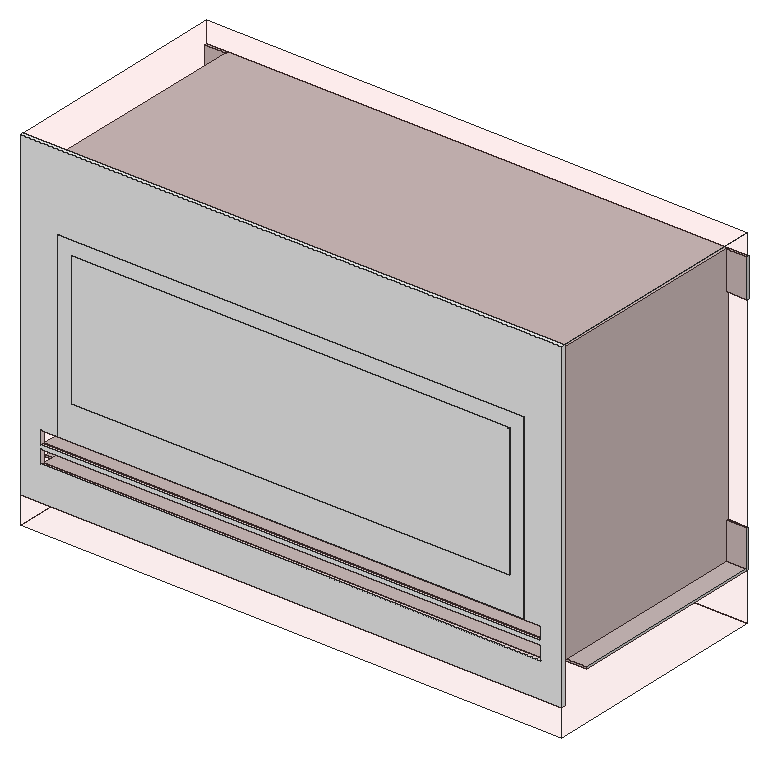
Revit family "Air-Curtain_Customer-Entry_PoweredAire_ECC", category Mechanical Equipment, host Face, Revit 2025
Family settings
  Host = Face
  Round Connector Dimension = Use Diameter
  Part Type = Normal
  OmniClass Number = 23.75.35.17.21
  OmniClass Title = Air Curtains
  Cut with Voids When Loaded = No
  Maintain Annotation Orientation = No
  Shared = No
  Room Calculation Point = No
Parameters
  Warranty Duration (Years) = 0
  Unit Width Notes = "Other Widths available."  # constant formula
  Unit Width = 3' - 3"
  Unit Weight = 0
  Unit Height = 1' - 4 3/4"
  Unit Depth = 1' - 11 1/4"
  URL = "http://www.poweredaire.com/"
  Test Data = ""
  Temperature Rise_Range = "as Specified"
  Standards Conformance = "as Specified"
  Specification = "http://www.arcat.com/sdspecs/htm04/23_34_33pai.htm"
  SpecWizard = ""
  Sound Pressure = "as Specified"
  Sales Information = "http://www.poweredaire.com/contact_us"
  Revision = "R1_2016-08"
  Projection from Host [instance] = 0' - 2"
  Product Properties = ""
  Product Data = "http://www.arcat.com/arcatcos/cos47/arc47623.html"
  Power Rating = 0 W
  Outlet Volume_Range = "as Specified"
  Outlet Velocity_Range = "as Specified"
  Nozzle Width = if(1 = 1, Unit Width - 0' 3", 0' 0")  # 3' - 0"
  Mounting Width = if(1 = 1, Unit Width - 0' 1 1/2", 0' 0")  # 3' - 1 1/2"
  Mounting Height [instance] = 3' - 6"
  Motor RPM = 0
  Motor HP = 0
  Motor Count = 0
  Model = "As Specified"
  Max Height = 0' - 0"
  Manufacturer Website = "http://www.poweredaire.com/"
  Manufacturer Phone - Toll Free = "888-321-2473"
  Manufacturer Phone = "724-588-3305"
  Manufacturer Fax = "724-588-3371"
  Manufacturer Address = "109 Mortensen Rd.  Greenville, PA 16125"
  Manufacturer = "Powered Aire, Inc"
  Maintenance Schedule (Months) = 0
  Keynote = "23 34 33"
  Installation-Fabrication = ""
  Installation Phase = ""
  Include Clearance [instance] = yes
  Heating Element Load = 0 W
  HVAC_Temperature Rise [instance] = 0 °F
  HVAC_Outlet Volume [instance] = 0 CFM
  HVAC_Outlet Velocity Uniformity = 0
  HVAC_Outlet Velocity [instance] = 0 FPM
  Green Building-LEED = "http://www.arcat.com/green/clients/leed_data_47623.html"
  Front Grating Material [instance] = Metal - Steel - PoweredAire - White Perforated
  Frame Finish [instance] = Metal - Steel - PoweredAire - Stainless 304
  Expected Lifespan (Years) = 0
  Electrical_Wattage [instance] = Power Rating + Heating Element Load  # 0 W
  Electrical_Voltage [instance] = 0 V
  Electrical_Phase [instance] = 1
  Electrical_Frequency [instance] = 0 Hz
  Electrical_Amperage [instance] = 0 A
  Drawn By = "Sumex Design, Inc. / Robert S. Weygant, CSI, CDT, SCIP"
  Description = "Powered Aire Air Curtain as Specified"
  Default Elevation = 0' - 0"  # constant formula
  Cover Finish [instance] = Metal - Steel - PoweredAire - White
  Copyright = "©Arcat Inc."
  Construction Details = "http://www.arcat.com/details/powair/prod3336.html"
  Clearance_Top [instance] = 0' - 0"
  Clearance_Side B [instance] = 0' - 0"
  Clearance_Side A [instance] = 0' - 0"
  Clearance_Intake [instance] = 0' - 0"
  Clearance_Front [instance] = 0' - 0"
  Clearance Material [instance] = ARCAT Clearance
  Building Codes = ""
  Available Options [instance] = "as Specified"
  Assembly Code = "D3090400"
Reference planes (in)
  plane 1 "Center (Elevation)": y = 8.51318
  plane 2: z = 0
  plane 3 "Center (Left/Right)": x = 0
  plane 4: y = 16.88818
  plane 5: y = 0.13818
  plane 6: x = -19.5
  plane 7: x = 19.5
  plane 8: z = 25.25
  plane 9 "FF": y = -41.86182
  plane 10: z = 2
  plane 11: x = 18
  plane 12: x = -18
  plane 13: y = 16.88818
  plane 14: y = 0.13818
  plane 15: x = -19.5
  plane 16: x = 19.5
  plane 17: z = 25.25
  plane 18: y = 0.38818
Forms (in)
  Extrusion 1, solid, material "ARCAT Clearance" <- "Clearance Material", visible <- "Include Clearance"
    sketch origin (0, 0, 0) x (0, 1, 0) y (0, 0, 1)
      loop
        line (0.13818, 25.25) -> (0.13818, 0) -> (16.88818, 0) -> (16.88818, 25.25) -> (0.13818, 25.25)
    from -19.5 to 19.5
  Extrusion 2, solid, material "Metal - Steel - PoweredAire - White" <- "Cover Finish"
    sketch origin (0, 8.51318, 0) x (1, 0, 0) y (0, 0, 1)
      loop
        line (-19.5, 25.25) -> (-19.5, 2) -> (19.5, 2) -> (19.5, 25.25) -> (-19.5, 25.25)
    from 8.125 to 8.375
  Extrusion 3, solid, material "Metal - Steel - PoweredAire - Stainless 304" <- "Frame Finish"
    sketch origin (0, 8.51318, 0) x (1, 0, 0) y (0, 0, 1)
      loop
        line (18, 23.75) -> (-18, 23.75) -> (-18, 3.5) -> (18, 3.5) -> (18, 23.75)
    from -8.375 to 8.125
  Extrusion 4, void
    sketch origin (0, 0, 0) x (0, 1, 0) y (0, 0, 1)
      loop
        line (0.13818, 5.5) -> (0.13818, 4.5) -> (1.88818, 4.5) -> (1.88818, 6.75) -> (0.13818, 6.75) -> (0.13818, 5.75) -> (1.63818, 5.75) -> (1.63818, 5.5) -> (0.13818, 5.5)
    from -18 to 18
  Extrusion 5, solid, material "Metal - Steel - PoweredAire - White" <- "Cover Finish"
    sketch origin (-11.83813, 0.13818, 48) x (-1, 0, 0) y (0, 0, 1)
      loop
        line (4.91187, -41.25) -> (4.91187, -28.25) -> (-28.58813, -28.25) -> (-28.58813, -41.25) -> (4.91187, -41.25)
    from 0 to -0.03125
  Extrusion 6, solid, material "Metal - Steel - PoweredAire - White Perforated" <- "Front Grating Material"
    sketch origin (-11.83813, 0.10693, 48) x (1, 0, 0) y (0, 0, 1)
      loop
        line (-3.91187, -29.25) -> (-3.91187, -38.75) -> (27.58813, -38.75) -> (27.58813, -29.25) -> (-3.91187, -29.25)
    from 0 to 0.03125
  Extrusion 7, solid, material "Metal - Steel - PoweredAire - Stainless 304" <- "Frame Finish"
    sketch origin (-15.17702, -180, 2) x (-1, 0, 0) y (0, -1, 0)
      loop
        line (-33.17702, -196.88818) -> (-33.17702, -182.38818) -> (-34.67702, -182.38818) -> (-34.67702, -196.88818) -> (-33.17702, -196.88818)
      loop
        line (2.82298, -196.88818) -> (4.32298, -196.88818) -> (4.32298, -182.38818) -> (2.82298, -182.38818) -> (2.82298, -196.88818)
    from 1.5 to 1.625
  Extrusion 8, solid, material "Metal - Steel - PoweredAire - Stainless 304" <- "Frame Finish"
    sketch origin (-11.83813, 16.88818, 48) x (-1, 0, 0) y (0, 0, 1)
      loop
        line (7.66187, -44.5) -> (7.66187, -41.75) -> (6.16187, -41.75) -> (6.16187, -44.5) -> (7.66187, -44.5)
      loop
        line (-31.33813, -44.5) -> (-29.83813, -44.5) -> (-29.83813, -41.75) -> (-31.33813, -41.75) -> (-31.33813, -44.5)
      loop
        line (7.66187, -27) -> (7.66187, -24.25) -> (6.16187, -24.25) -> (6.16187, -27) -> (7.66187, -27)
      loop
        line (-31.33813, -27) -> (-29.83813, -27) -> (-29.83813, -24.25) -> (-31.33813, -24.25) -> (-31.33813, -27)
    from 0 to -0.125
Cuts and joins
  Extrusion 4 cuts Extrusion 2
  Extrusion 4 cuts Extrusion 3
Dimensions and locks (in)
  equal spacing: plane 4, plane 1 "Center (Elevation)", plane 5
  "Unit Height": plane 4 to plane 5
  equal spacing: plane 6, plane 3 "Center (Left/Right)", plane 7
  "Unit Width": plane 6 to plane 7
  "Mounting Height": plane 5 to plane 9 "FF"
  "Projection from Host": plane 10 to level
  "Unit Depth": plane 8 to plane 10
  locked: plane 6 to plane 12 at 1.5
  locked: plane 11 to plane 7 at 1.5
  "Clearance_Side A": plane 7 to plane 16
  "Clearance_Side B": plane 15 to plane 6
  "Clearance_Top": plane 13 to plane 4
  "Clearance_Intake": plane 5 to plane 14
  "Clearance_Front": plane 17 to plane 8
  locked: plane 8 to Extrusion 3 sketch curve at 1.5
  locked: Extrusion 3 sketch curve to plane 10 at 1.5
  locked: plane 7 to Extrusion 3 sketch curve at 1.5
  locked: Extrusion 3 sketch curve to plane 6 at 1.5
  locked: plane 18 to plane 5 at 0.25
  Extrusion 4 sketch curve to Extrusion 4 sketch curve to Extrusion 4 sketch curve to Extrusion 4 sketch curve to plane 10 = 0' - 1" locked, 0' - 0 1/4" locked, 0' - 1" locked, 0' - 2 1/2" locked
  Extrusion 5 sketch curve to Extrusion 5 sketch curve to plane 10 = 1' - 1" locked, 0' - 4 3/4" locked
  locked: plane 11 to Extrusion 5 sketch curve at 1.25
  locked: Extrusion 5 sketch curve to plane 12 at 1.25
  Extrusion 6 sketch curve to Extrusion 6 sketch curve to plane 10 = 0' - 9 1/2" locked, 0' - 7 1/4" locked
  locked: Extrusion 6 sketch curve to plane 12 at 2.25
  locked: plane 11 to Extrusion 6 sketch curve at 2.25
  locked: plane 4 to Extrusion 7 sketch curve at 14.5  (x2)
  Extrusion 8 sketch curve to Extrusion 8 sketch curve to Extrusion 8 sketch curve to Extrusion 8 sketch curve to plane 10 = 0' - 2 3/4" locked, 1' - 2 3/4" locked, 0' - 2 3/4" locked, 0' - 1 1/2" locked  (x2)
  aligned and locked: plane 2 to host face
  aligned and locked: level to host face
  aligned and locked: Extrusion 1 sketch curve to plane 17
  aligned and locked: plane 14 to Extrusion 1 sketch curve
  aligned and locked: level to Extrusion 1 sketch curve
  aligned and locked: Extrusion 1 sketch curve to plane 13
  aligned and locked: plane 16 to Extrusion 1
  aligned and locked: Extrusion 1 to plane 15
  aligned and locked: Extrusion 2 sketch curve to plane 8
  aligned and locked: plane 6 to Extrusion 2 sketch curve
  aligned and locked: Extrusion 2 sketch curve to plane 10
  aligned and locked: Extrusion 2 sketch curve to plane 7
  aligned and locked: Extrusion 3 to plane 4
  aligned and locked: Extrusion 3 to plane 18
  aligned and locked: Extrusion 2 to plane 18
  aligned and locked: Extrusion 2 to plane 5
  aligned and locked: plane 11 to Extrusion 4
  aligned and locked: Extrusion 4 to plane 12
  aligned and locked: Extrusion 7 sketch curve to plane 4  (x2)
Automatic sketch dimensions
  host sketch curve to host sketch curve = 8' - 0"  (x2)
  Extrusion 4 sketch curve to plane 5 = 0' - 0"  (x2)
  plane 18 to Extrusion 4 sketch curve = 0' - 1 1/4"
  Extrusion 4 sketch curve to Extrusion 4 sketch curve = 0' - 0 1/4"
  Extrusion 7 sketch curve to plane 7 = 0' - 0"
  Extrusion 7 sketch curve to plane 11 = 0' - 0"
  Extrusion 7 sketch curve to plane 12 = 0' - 0"
  Extrusion 7 sketch curve to plane 6 = 0' - 0"
  Extrusion 8 sketch curve to plane 7 = 0' - 0"  (x2)
  Extrusion 8 sketch curve to plane 11 = 0' - 0"  (x2)
  Extrusion 8 sketch curve to plane 12 = 0' - 0"  (x2)
  Extrusion 8 sketch curve to plane 6 = 0' - 0"  (x2)
Connectors (in)
  electrical at (-18, 4.88818, 9.625), driven by "Electrical_Voltage", driven by "Electrical_Phase"
    settings: on cut or joined group of Extrusion 3, Extrusion 4, index 1, voltage 0 V, apparent load 0 VA, apparent load phase1 0 VA, apparent load phase2 0 VA, apparent load phase3 0 VA, power factor 1, load classification "Other", number of poles 1, system type 31, power factor state 1, is connector primary yes, connector utility no, sub classification motor no, connector description ""
